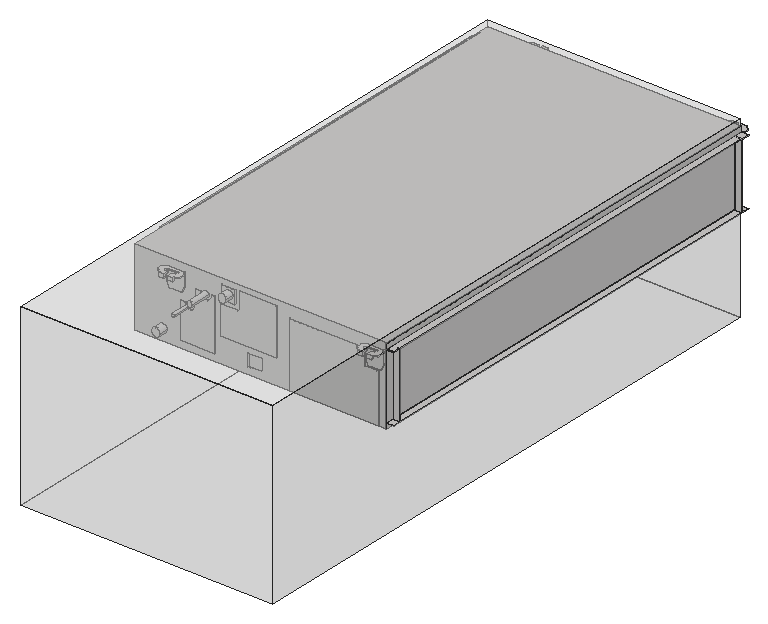
Revit family "outputfile", category 機械設備, Revit 2024
Family settings
  丸型コネクタ寸法 = 半径を使用
  パーツ タイプ = 標準
  OmniClass 番号 = 23.75.10.24.21.27.27
  OmniClass タイトル = Split System Air Conditioning Units
  作業面ベース = いいえ
  常に垂直 = はい
  ロード時にボイドで切り取り = いいえ
  注釈の向きを維持 = いいえ
  共有 = いいえ
  部屋計算ポイント = はい
Parameters (values of type "FBA140BVMA9")
  製造元 = "Daikin"
  書き出し IFC クラス(タイプ) = "IfcUnitaryEquipmentType"
  定義済み IFC タイプ(タイプ) = "AIRCONDITIONINGUNIT"
  モデル = "FBA140BVMA9"
  switch_frequency = yes
  r_Liquid Pipe Size = Liquid Pipe Size / 2  # 4.75 mm
  r_Gas Pipe Size = Gas Pipe Size / 2  # 7.95 mm
  r_Drain Pipe Size = Drain Pipe Size / 2  # 12.5 mm
  lw_power = 770.0 mm  # constant formula
  lh_SA = 138.0 mm  # constant formula
  lw_SA = if(Width = 550.0 mm, 225.0 mm, if(Width = 700.0 mm, 300.0 mm, if(Width = 1000.0 mm, 450.0 mm, if(Width = 1400.0 mm, 650.0 mm, 725.0 mm))))  # 650.0 mm
  lw_RA = if(Width = 550.0 mm, 275.0 mm, if(Width = 700.0 mm, 349.0 mm, if(Width = 1000.0 mm, 499.0 mm, if(Width = 1400.0 mm, 699.0 mm, 775.0 mm))))  # 699.0 mm
  lh_power = 60.0 mm + [h***]  # 60.0 mm
  lh_mountinghole1 = lh_mountinghole + [h***]  # 222.0 mm
  lh_RA = 123.0 mm  # constant formula
  ld_power = Width / 2  # 700.0 mm
  connector_voltage = Voltage_50Hz  # 230 V
  connector_powerinput = [Power Input (Cooling)]  # 4.270 kW
  connector_phase = Phase_50Hz  # 1
  Voltage_comment_60Hz = "220-230"
  Voltage_comment_50Hz = "220-240"
  Voltage_60Hz = 220 V
  Voltage_50Hz = 230 V
  Total Heating Capacity [instance] = 0.000 kW
  Supply Air Direction [instance] = yes
  Power Input (Heating) = 4.560 kW
  Phase_60Hz = 1
  Phase_50Hz = 1
  Nominal Heating Capacity = 16.000 kW
  Minimum External Static Pressure = 50.00 Pa
  Maximum External Static Pressure = 150.00 Pa
  Material_Casing = DAIKIN_GalvanizedSteel_Casing_indoorunit
  lw_mountinghole = 630.0 mm  # constant formula
  lh_gaspipe = 183.0 mm + [h***]  # 183.0 mm
  lh_mountinghole = 222.0 mm  # constant formula
  lh_liquidpipe = 136.0 mm + [h***]  # 136.0 mm
  lh_drainpipe = 207.0 mm + [h***]  # 207.0 mm
  lh_antena = Height - lh_mountinghole + 1.0 mm  # 24.0 mm
  ld_drainpipe = Width / 2 + 26.0 mm  # 726.0 mm
  ld_liquidpipe = Width / 2 + 69.0 mm  # 769.0 mm
  ld_gaspipe = Width / 2 + 65.0 mm  # 765.0 mm
  ld_mountinghole = Width + 38.0 mm  # 1438.0 mm
  h*** = 0.0 mm  # constant formula
  lw_liquidpipe = 179.0 mm  # constant formula
  lw_gaspipe = 229.0 mm  # constant formula
  lw_drainpipe = 300.0 mm  # constant formula
  Width = 1400.0 mm
  Version = "ver.1.0"
  Unit Type = "Duct"
  Unit Mass Weight = 47.00 kg
  Unit Designation [instance] = ""
  Uniclass2015Version = "Products v1.30"
  Uniclass2015Title = "Split coil room air conditioning units"
  Uniclass2015Code = "Pr_70_65_03_86"
  Total Cooling Capacity [instance] = 0.000 kW
  Sound Pressure Level_M speed (dBA) = 37.5
  Sound Pressure Level_L speed (dBA) = 35
  Sound Pressure Level_H speed (dBA) = 40
  Series = "SkyAir_Fan Coil Unit"
  Sensible Cooling Capacity [instance] = 0.000 kW
  SA Duct Size Width = 1192.0 mm
  SA Duct Size Height = 176.0 mm
  Refrigerant Type = "R32"
  RA Duct Size Width = 1352.0 mm
  RA Duct Size Height = 208.0 mm
  Power Input (Cooling) = 4.270 kW
  Option Accessory 3 [instance] = ""
  Option Accessory 2 [instance] = ""
  Option Accessory 1 [instance] = ""
  Nominal Cooling Capacity = 14.000 kW
  Minimum Airflow = 1500.00 m³/h
  Median Airflow = 1830.00 m³/h
  Maximum Airflow = 2160.00 m³/h
  Load Classification = HVAC
  Liquid Pipe Size = 9.5 mm
  Link_Nested Family [instance] = ""
  IfcVersion = ""
  IfcExportType = "AIRCONDITIONINGUNIT"
  IfcExportAs = "IfcUnitaryEquipmentType"
  Height = 245.0 mm
  Heating Entering Wet Bulb Temperature [instance] = -273.15 °C
  Heating Entering Dry Bulb Temperature [instance] = -273.15 °C
  Heating Ambient Wet Bulb Temperature [instance] = -273.15 °C
  Heating Ambient Dry Bulb Temperature [instance] = -273.15 °C
  Heat Exchanger Type = "Cross Fin Coil"
  Gas Pipe Size = 15.9 mm
  Frequency_60Hz = 60 Hz
  Frequency_50Hz = 50 Hz
  Fan Type = "Sirocco Fan"
  Fan Drive = "Direct Drive"
  FCU Tag No. [instance] = ""
  Drain Pipe Size = 25.0 mm
  Design Supply Airflow [instance] = 0.00 m³/h
  Design Return Airflow [instance] = 0.00 m³/h
  Design External Static Pressure [instance] = 0.00 Pa
  Depth = 800.0 mm
  既定の高さ = 0.0 mm
  Cooling Entering Wet Bulb Temperature [instance] = 0.00 °C
  Cooling Entering Dry Bulb Temperature [instance] = 0.00 °C
  Cooling Ambient Wet Bulb Temperature [instance] = 0.00 °C
  Cooling Ambient Dry Bulb Temperature [instance] = 0.00 °C
  Clearance visibility [instance] = yes
  Clearance Top = 20.0 mm
  Clearance Right = 0.0 mm
  Clearance Rear = 0.0 mm
  Clearance Left = 0.0 mm
  Clearance Front = 450.0 mm
  Clearance Bottom = 300.0 mm
Reference planes
  plane 1 "Center (Front/Back)": y = 0
  plane 2 "h": z = 0
  plane 3 "Center (Left/Right)": x = 0
  plane 4 "Back": y = 700
  plane 5 "Front": y = -700
  plane 6 "Left": x = -400
  plane 7 "Right": x = 400
  plane 8 "Top": z = 0
  plane 9 "Bottom": z = -245
  plane 10: y = -215
  plane 11: y = 700
  plane 12: y = -1150
  plane 13: x = -400
  plane 14: x = 400
  plane 15: z = 20
  plane 16: z = -545
  plane 17: x = -400
  plane 18: x = -399
  plane 19: x = 399
  plane 20: y = 50
  plane 21: y = -1
  plane 22: z = -122
  plane 23: y = -701
  plane 24: z = -109
  plane 25: x = -221
  plane 26: y = -765
  plane 27: z = -62
  plane 28: x = -171
  plane 29: y = -726
  plane 30: z = -38
  plane 31: x = -100
  plane 32: x = -100
  plane 33: x = -221
  plane 34: x = -171
  plane 35: x = 370
  plane 36: x = -266
  plane 37: x = 364
  plane 38: y = -719
  plane 39: y = 719
  plane 40: z = -23
  plane 41: z = -107
  plane 42: y = -769
  plane 43: z = -207
  plane 44: x = -309
  plane 45: y = -376
  plane 46: x = -251
  plane 47: x = -203
  plane 48: x = -144
  plane 49: z = -59
  plane 50: z = -106
  plane 51: z = -221
  plane 52: z = -109
  plane 53: x = -221
  plane 54: z = -62
  plane 55: x = -171
  plane 56: z = -17
  plane 57: z = -59
  plane 58: x = -121
  plane 59: x = -79
  plane 60: x = -125
  plane 61: x = -64
  plane 62: x = 53
  plane 63: z = -164
  plane 64: z = -73
  plane 65: z = -16
  plane 66: x = 93.5
  plane 67: x = 374.5
  plane 68: x = 330
  plane 69: z = -88.5
  plane 70: z = -38
  plane 71: z = -242.5
  plane 72: x = -38.5
  plane 73: x = 6.5
  plane 74: z = -181
  plane 75: z = -221
  plane 76: y = -699
  plane 77: x = -424
  plane 78: x = 424
Forms (mm)
  Extrusion 1, solid, material "DAIKIN_GalvanizedSteel_Casing_indoorunit" <- "Material_Casing"
    sketch origin (0, 0, 0) x (1, 0, 0) y (0, 1, 0)
      loop
        line (-399, 700) -> (-399, -700) -> (399, -700) -> (399, 700) -> (-399, 700)
    from -245 to 0
  Extrusion 2, solid, material "DAIKIN_GalvanizedSteel_Casing_indoorunit" <- "Material_Casing"
    sketch origin (0, 0, 0) x (1, 0, 0) y (0, 0, 1)
      loop
        line (-251, -221) -> (-144, -221) -> (-144, -59) -> (-154.47, -59)
        arc (-154.47, -59) -> (-171, -78.8) -> (-187.53, -59) r 16.8
        line (-187.53, -59) -> (-203, -59) -> (-203, -106) -> (-206.916, -106)
        arc (-206.916, -106) -> (-221, -123.4) -> (-235.084, -106) r 14.4
        line (-235.084, -106) -> (-251, -106) -> (-251, -221)
    from 700 to 701
  Extrusion 3, solid, material "DAIKIN_GalvanizedSteel_Casing_indoorunit" <- "Material_Casing"
    sketch origin (0, 0, 0) x (1, 0, 0) y (0, 0, 1)
      loop
        line (-121, -17) -> (-121, -59) -> (-79, -59) -> (-79, -17) -> (-121, -17)
      loop
        line (-125, -73) -> (-125, -164) -> (53, -164) -> (53, -16) -> (-64, -16) -> (-64, -73) -> (-125, -73)
    from 700 to 701
  Extrusion 4, solid, material "DAIKIN_GalvanizedSteel_Casing_indoorunit" <- "Material_Casing"
    sketch origin (0, 0, 0) x (1, 0, 0) y (0, 0, 1)
      loop
        line (93.5, -38) -> (93.5, -242.5) -> (374.5, -242.5) -> (374.5, -88.5) -> (330, -88.5) -> (330, -38) -> (93.5, -38)
    from 700 to 701
  Extrusion 5, solid, material "DAIKIN_GalvanizedSteel_Casing_indoorunit" <- "Material_Casing"
    sketch origin (0, 0, 0) x (1, 0, 0) y (0, 0, 1)
      loop
        circle (-221, -109) r 4.75
    from 700 to 769
  Extrusion 6, solid, material "DAIKIN_GalvanizedSteel_Casing_indoorunit" <- "Material_Casing"
    sketch origin (0, 0, 0) x (1, 0, 0) y (0, 0, 1)
      loop
        circle (-171, -62) r 7.95
    from 700 to 765
  Extrusion 7, solid, material "DAIKIN_GalvanizedSteel_Casing_indoorunit" <- "Material_Casing"
    sketch origin (0, 0, 0) x (1, 0, 0) y (0, 0, 1)
      loop
        circle (-100, -38) r 12.5
    from 701 to 726
  Extrusion 8, solid, material "DAIKIN_GalvanizedSteel_Casing_indoorunit" <- "Material_Casing"
    sketch origin (0, 0, 0) x (1, 0, 0) y (0, 0, 1)
      loop
        circle (-309, -207) r 13
    from 700 to 726
  Extrusion 9, void
    sketch origin (0, 0, 0) x (1, 0, 0) y (0, 0, 1)
      loop
        line (-38.5, -181) -> (-38.5, -221) -> (6.5, -221) -> (6.5, -181) -> (-38.5, -181)
    from 699 to 700
Cuts and joins
  Extrusion 9 cuts Extrusion 1
Dimensions and locks
  "Height": plane 8 "Top" to plane 9 "Bottom"
  equal spacing: plane 4 "Back", plane 1 "Center (Front/Back)", plane 5 "Front"
  "Width": plane 4 "Back" to plane 5 "Front"
  equal spacing: plane 6 "Left", plane 3 "Center (Left/Right)", plane 7 "Right"
  "Depth": plane 6 "Left" to plane 7 "Right"
  "Clearance Left": plane 13 to plane 6 "Left"
  "Clearance Right": plane 7 "Right" to plane 14
  "Clearance Rear": plane 11 to plane 4 "Back"
  "Clearance Front": plane 5 "Front" to plane 12
  "Clearance Top": plane 15 to plane 8 "Top"
  "Clearance Bottom": plane 9 "Bottom" to plane 16
  locked: plane 17 to plane 18 at 1
  locked: plane 19 to plane 14 at 1
  "lw_SA": plane 11 to plane 20
  "lw_RA": plane 21 to plane 5 "Front"
  "lh_RA": plane 22 to plane 9 "Bottom"
  locked: plane 5 "Front" to plane 23 at 1
  "lw_liquidpipe": plane 25 to plane 6 "Left"
  "lh_liquidpipe": plane 24 to plane 9 "Bottom"
  "lh_gaspipe": plane 27 to plane 9 "Bottom"
  "lw_gaspipe": plane 28 to plane 6 "Left"
  "ld_gaspipe": plane 26 to plane 1 "Center (Front/Back)"
  "ld_drainpipe": plane 29 to plane 1 "Center (Front/Back)"
  "lh_drainpipe": plane 30 to plane 9 "Bottom"
  "lw_drainpipe": plane 31 to plane 6 "Left"
  "lw_drainpipe": plane 6 "Left" to plane 32
  "lw_liquidpipe": plane 6 "Left" to plane 33
  "lw_gaspipe": plane 6 "Left" to plane 34
  "lw_power": plane 6 "Left" to plane 35
  locked: plane 17 to plane 36 at 134
  "lw_mountinghole": plane 36 to plane 37
  equal spacing: plane 38, plane 1 "Center (Front/Back)", plane 39
  "ld_mountinghole": plane 39 to plane 38
  "lh_mountinghole": plane 40 to plane 9 "Bottom"
  "lh_SA": plane 41 to plane 9 "Bottom"
  locked: plane 44 to plane 6 "Left" at 91
  locked: plane 43 to plane 9 "Bottom" at 38
  plane 48 to plane 47 to plane 46 to plane 6 "Left" = 59.0 mm, 48.0 mm, 149.0 mm
  plane 8 "Top" to plane 49 to plane 50 to plane 51 = 59.0 mm locked, 47.0 mm locked, 115.0 mm locked
  plane 55 to plane 53 to plane 6 "Left" = 50.0 mm locked, 179.0 mm locked
  plane 54 to plane 52 to plane 9 "Bottom" = 47.0 mm locked, 136.0 mm locked
  plane 59 to plane 58 to plane 6 "Left" = 42.0 mm locked, 279.0 mm locked
  plane 8 "Top" to plane 56 to plane 57 = 17.0 mm locked, 42.0 mm locked
  plane 62 to plane 61 to plane 60 to plane 6 "Left" = 117.0 mm, 61.0 mm, 275.0 mm
  plane 8 "Top" to plane 65 to plane 64 = 16.0 mm locked, 57.0 mm locked
  locked: plane 65 to plane 63 at 148
  plane 8 "Top" to plane 70 to plane 69 to plane 71 = 38.0 mm locked, 50.5 mm locked, 154.0 mm locked
  plane 67 to plane 68 to plane 66 to plane 6 "Left" = 44.5 mm locked, 236.5 mm locked, 493.5 mm locked
  plane 8 "Top" to plane 74 to plane 75 = 181.0 mm locked, 40.0 mm locked
  plane 73 to plane 72 to plane 6 "Left" = 45.0 mm, 361.5 mm
  locked: plane 76 to plane 5 "Front" at 1
  locked: plane 77 to plane 17 at 24
  locked: plane 14 to plane 78 at 24
  "ld_liquidpipe": plane 42 to plane 1 "Center (Front/Back)"
  "r_Liquid Pipe Size": radius of Extrusion 5 sketch curve
  "r_Gas Pipe Size": radius of Extrusion 6 sketch curve
  "r_Drain Pipe Size": radius of Extrusion 7 sketch curve
  aligned and locked: level to plane 2 "h"
  aligned and locked: plane 8 "Top" to Extrusion 1
  aligned and locked: Extrusion 1 to plane 9 "Bottom"
  aligned and locked: nested 5 to plane 12
  aligned and locked: plane 13 to nested 5
  aligned and locked: plane 14 to nested 5
  aligned and locked: nested 5 to plane 13
  aligned and locked: plane 11 to nested 5
  aligned and locked: plane 15 to nested 5
  aligned and locked: plane 16 to nested 5
  aligned and locked: plane 5 "Front" to Extrusion 1 sketch curve
  aligned and locked: Extrusion 1 to plane 18
  aligned and locked: plane 19 to Extrusion 1
  aligned and locked: nested 7 to plane 18
  aligned and locked: nested 7 to plane 20
  aligned and locked: plane 19 to nested 8
  aligned and locked: plane 21 to nested 8
  aligned and locked: plane 22 to nested 8
  aligned and locked: Extrusion 2 to plane 23
  aligned and locked: plane 5 "Front" to Extrusion 2
  aligned and locked: Extrusion 3 to plane 23
  aligned and locked: plane 5 "Front" to Extrusion 3
  aligned and locked: plane 5 "Front" to Extrusion 4
  aligned and locked: Extrusion 5 sketch curve to plane 25
  aligned and locked: plane 24 to Extrusion 5 sketch curve
  aligned and locked: plane 5 "Front" to Extrusion 5
  aligned and locked: Extrusion 6 sketch curve to plane 28
  aligned and locked: plane 27 to Extrusion 6 sketch curve
  aligned and locked: plane 5 "Front" to Extrusion 6
  aligned and locked: Extrusion 7 sketch curve to plane 31
  aligned and locked: Extrusion 7 sketch curve to plane 30
  aligned and locked: Extrusion 7 to plane 29
  aligned and locked: plane 23 to Extrusion 7
  aligned and locked: nested 3 to plane 29
  aligned and locked: nested 3 to plane 32
  aligned and locked: nested 2 to plane 33
  aligned and locked: nested 1 to plane 34
  aligned and locked: Extrusion 6 to plane 26
  aligned and locked: nested 1 to plane 26
  aligned and locked: nested 6 to plane 5 "Front"
  aligned and locked: nested 6 to plane 35
  aligned and locked: plane 36 to nested 10
  aligned and locked: nested 10 to plane 5 "Front"
  aligned and locked: plane 37 to nested 9
  aligned and locked: nested 9 to plane 5 "Front"
  aligned and locked: nested 11 to plane 36
  aligned and locked: plane 4 "Back" to nested 11
  aligned and locked: nested 12 to plane 37
  aligned and locked: plane 4 "Back" to nested 12
  aligned and locked: plane 40 to nested 10
  aligned and locked: plane 40 to nested 11
  aligned and locked: plane 40 to nested 9
  aligned and locked: plane 40 to nested 12
  aligned and locked: plane 36 to nested 14
  aligned and locked: nested 14 to plane 39
  aligned and locked: plane 37 to nested 13
  aligned and locked: nested 13 to plane 39
  aligned and locked: plane 37 to nested 16
  aligned and locked: plane 38 to nested 16
  aligned and locked: plane 38 to nested 15
  aligned and locked: plane 36 to nested 15
  aligned and locked: plane 17 to plane 6 "Left"
  aligned and locked: plane 41 to nested 7
  aligned and locked: Extrusion 5 to plane 42
  aligned and locked: nested 2 to plane 42
  aligned and locked: Extrusion 8 sketch curve to plane 44
  aligned and locked: plane 43 to Extrusion 8 sketch curve
  aligned and locked: plane 5 "Front" to Extrusion 8
  aligned and locked: Extrusion 3 sketch curve to plane 56
  aligned and locked: Extrusion 3 sketch curve to plane 58
  aligned and locked: plane 57 to Extrusion 3 sketch curve
  aligned and locked: plane 59 to Extrusion 3 sketch curve
  aligned and locked: Extrusion 4 to plane 23
  aligned and locked: Extrusion 9 sketch curve to plane 74
  aligned and locked: plane 75 to Extrusion 9 sketch curve
  aligned and locked: plane 73 to Extrusion 9 sketch curve
  aligned and locked: plane 5 "Front" to Extrusion 9
  aligned and locked: plane 76 to Extrusion 9
  aligned and locked: nested 17 to plane 20
  aligned and locked: nested 17 to plane 77
  aligned and locked: plane 21 to nested 18
  aligned and locked: plane 78 to nested 18
  aligned and locked: plane 41 to nested 17
  aligned and locked: nested 18 to plane 22
  aligned and locked: nested 4 to plane 3 "Center (Left/Right)"
  aligned and locked: plane 1 "Center (Front/Back)" to nested 4
  aligned and locked: level to plane 8 "Top"
  aligned and locked: Extrusion 8 to plane 29
Automatic sketch dimensions
  plane 6 "Left" to Extrusion 1 sketch curve = 1.0 mm
  Extrusion 1 sketch curve to plane 7 "Right" = 1.0 mm
  Extrusion 1 sketch curve to plane 4 "Back" = 0.0 mm
  Extrusion 2 sketch curve to plane 46 = 0.0 mm
  Extrusion 2 sketch curve to plane 33 = 0.0 mm
  Extrusion 2 sketch curve to plane 47 = 0.0 mm
  Extrusion 2 sketch curve to plane 34 = 0.0 mm
  Extrusion 2 sketch curve to plane 48 = 0.0 mm
  Extrusion 2 sketch curve to plane 51 = 0.0 mm
  Extrusion 2 sketch curve to plane 52 = 0.0 mm
  Extrusion 2 sketch curve to plane 50 = 0.0 mm  (x3)
  Extrusion 2 sketch curve to plane 54 = 0.0 mm
  Extrusion 2 sketch curve to plane 49 = 0.0 mm  (x3)
  plane 33 to Extrusion 2 sketch curve = 14.084 mm
  plane 34 to Extrusion 2 sketch curve = 16.53 mm
  Extrusion 3 sketch curve to plane 60 = 0.0 mm
  Extrusion 3 sketch curve to plane 61 = 0.0 mm
  Extrusion 3 sketch curve to plane 62 = 0.0 mm
  Extrusion 3 sketch curve to plane 63 = 0.0 mm
  Extrusion 3 sketch curve to plane 64 = 0.0 mm
  Extrusion 3 sketch curve to plane 65 = 0.0 mm
  Extrusion 4 sketch curve to plane 66 = 0.0 mm
  Extrusion 4 sketch curve to plane 68 = 0.0 mm
  Extrusion 4 sketch curve to plane 67 = 0.0 mm
  Extrusion 4 sketch curve to plane 71 = 0.0 mm
  Extrusion 4 sketch curve to plane 69 = 0.0 mm
  Extrusion 4 sketch curve to plane 70 = 0.0 mm
  Extrusion 9 sketch curve to plane 72 = 0.0 mm
  radius of Extrusion 8 sketch curve = 13.0 mm
Nested families
  nested 1: "daikin_connector_rotate2" at (-171, 0, -62), length <- "ld_gaspipe", built-in parameter 1001364 <- "lh_gaspipe", radius <- "r_Gas Pipe Size", type "daikin_connector_rotate2"
    with radius 7.95 mm, length 765.0 mm, angle_vertical 90.00°
  nested 2: "daikin_connector_rotate2" at (-221, 0, -109), length <- "ld_liquidpipe", built-in parameter 1001364 <- "lh_liquidpipe", radius <- "r_Liquid Pipe Size", type "daikin_connector_rotate2"
    with radius 4.75 mm, length 769.0 mm, angle_vertical 90.00°
  nested 3: "daikin_connector_rotate2" at (-100, 0, -38), length <- "ld_drainpipe", built-in parameter 1001364 <- "lh_drainpipe", radius <- "r_Drain Pipe Size", type "daikin_connector_rotate2"
    with radius 12.5 mm, length 726.0 mm, angle_vertical 90.00°
  nested 4: "daikin_△_symbolicline" at (0, 0, 245) x (0, -1, 0) z (0, 0, 1), built-in parameter 1001364 <- "Height", visible <- "Supply Air Direction", type "daikin_△_symbolicline"
    with length 200.0 mm
  nested 5: "daikin_clearancespace" at (0, -225, -262.381), visible <- "Clearance visibility", show <- "Clearance visibility", Link_Nested Family <- "Link_Nested Family", type "daikin_clearancespace"
    with width 800.0 mm, show yes, height 565.0 mm, depth 1850.0 mm, Link_Nested Family ""
  nested 6: "daikin_connector_rotate2" at (370, 0, -185), built-in parameter 1001364 <- "lh_power", length <- "ld_power", type "daikin_connector_rotate2"
    with radius 10.0 mm, length 700.0 mm, angle_vertical 90.00°
  nested 7: "daikin_ductflange_FBA-BVMA9_2" at (-399, 50, -107) x (0, -1, 0) z (0, 0, 1), type "daikin_ductflange_FBA-BVMA9_2"
  nested 8: "daikin_ductflange_FBA-BVMA9" at (399, -1, -122) x (0, 1, 0) z (0, 0, 1), type "daikin_ductflange_FBA-BVMA9"
    with width 1352.0 mm, lw 25.0 mm, w 1400.0 mm
  nested 9: "daikin_hangerfixture_FBA-BVMA9" at (364, -700, -23), type "daikin_hangerfixture_FBA-BVMA9"
  nested 10: "daikin_hangerfixture_FBA-BVMA9" at (-266, -700, -23), type "daikin_hangerfixture_FBA-BVMA9"
  nested 11: "daikin_hangerfixture_FBA-BVMA9" at (-266, 700, -23) x (-1, 0, 0) z (0, 0, 1), type "daikin_hangerfixture_FBA-BVMA9"
  nested 12: "daikin_hangerfixture_FBA-BVMA9" at (364, 700, -23) x (-1, 0, 0) z (0, 0, 1), type "daikin_hangerfixture_FBA-BVMA9"
  nested 13: "daikin_mountinghole" at (364, 719, -245), h_mountinghole <- "lh_mountinghole1", l_antenna <- "lh_antena", Link_Nested Family <- "Link_Nested Family", type "daikin_mountinghole"
    with show yes, l_antenna 24.0 mm, h_mountinghole 222.0 mm, Link_Nested Family ""
  nested 14: "daikin_mountinghole" at (-266, 719, -245), h_mountinghole <- "lh_mountinghole1", l_antenna <- "lh_antena", Link_Nested Family <- "Link_Nested Family", type "daikin_mountinghole"
    with show yes, l_antenna 24.0 mm, h_mountinghole 222.0 mm, Link_Nested Family ""
  nested 15: "daikin_mountinghole" at (-266, -719, -245), h_mountinghole <- "lh_mountinghole1", l_antenna <- "lh_antena", Link_Nested Family <- "Link_Nested Family", type "daikin_mountinghole"
    with show yes, l_antenna 24.0 mm, h_mountinghole 222.0 mm, Link_Nested Family ""
  nested 16: "daikin_mountinghole" at (364, -719, -245), h_mountinghole <- "lh_mountinghole1", l_antenna <- "lh_antena", Link_Nested Family <- "Link_Nested Family", type "daikin_mountinghole"
    with show yes, l_antenna 24.0 mm, h_mountinghole 222.0 mm, Link_Nested Family ""
  nested 17: "daikin_connector_rotate2" at (-400, 50, -107) x (0, -1, 0) z (0, 0, 1), type "daikin_connector_rotate2"
    with radius 10.0 mm, length 24.0 mm, angle_vertical 90.00°
  nested 18: "daikin_connector_rotate2" at (400, -1, -122) x (0, 1, 0) z (0, 0, 1), type "daikin_connector_rotate2"
    with radius 10.0 mm, length 24.0 mm, angle_vertical 90.00°
Connectors
  piping at (-100, -726, -38), diameter 25, driven by "r_Drain Pipe Size"
    settings: on nested 3, index 3, connector inside diameter 609.6 mm, connector length 0.0 mm, flow factor 0, pipe flow 0.00 m³/h, pressure drop 0.0 Pa, fitting loss kfactor 0, connector angle 0.00°, fixture units 0, engagement length 0.0 mm, angle of deflection 0.00°, flow configuration 1, flow direction 2, fitting loss method 4, system type 16, joint type 0, gender type 0, connector reference index -1, connector utility 0, adjustable connector no, is connector primary yes, connector description "Condensate Drain Piping"
  piping at (-171, -765, -62), diameter 15.9, driven by "r_Gas Pipe Size"
    settings: on nested 1, index 4, connector inside diameter 609.6 mm, connector length 0.0 mm, flow factor 0, pipe flow 0.00 m³/h, pressure drop 0.0 Pa, fitting loss kfactor 0, connector angle 0.00°, fixture units 0, engagement length 0.0 mm, angle of deflection 0.00°, flow configuration 1, flow direction 2, fitting loss method 0, system type 29, joint type 0, gender type 0, connector reference index -1, connector utility 0, adjustable connector no, is connector primary no, connector description "Refrigerant Gas Piping"
  piping at (-221, -769, -109), diameter 9.5, driven by "r_Liquid Pipe Size"
    settings: on nested 2, index 5, connector inside diameter 609.6 mm, connector length 0.0 mm, flow factor 0, pipe flow 0.00 m³/h, pressure drop 0.0 Pa, fitting loss kfactor 0, connector angle 0.00°, fixture units 0, engagement length 0.0 mm, angle of deflection 0.00°, flow configuration 1, flow direction 1, fitting loss method 0, system type 29, joint type 0, gender type 0, connector reference index -1, connector utility 0, adjustable connector no, is connector primary no, connector description "Refrigerant Liquid Piping"
  electrical at (370, -700, -185), driven by "Load Classification", driven by "connector_voltage", driven by "connector_phase", driven by "connector_powerinput"
    settings: on nested 6, index 6, voltage 230 V, apparent load 4270 VA, apparent load phase1 0 VA, apparent load phase2 0 VA, apparent load phase3 0 VA, power factor 1, load classification "HVAC", number of poles 1, system type 30, power factor state 1, is connector primary yes, connector utility no, sub classification motor no, connector description "Power Supply"
  hvac at (-424, 50, -107), driven by "SA Duct Size Height", driven by "SA Duct Size Width"
    settings: on nested 17, index 7, duct flow 0.00 m³/h, flow factor 0, pres drop 0.00 Pa, loss coef 0, conn angle 0.00°, conn width 1192.0 mm, conn height 176.0 mm, conn diameter 609.6 mm, duct sys type 1, conn prof type 1, flow config 0, flow direction 2, loss method 4, conn ref index -1, conn util no, is conn primary yes, conn desc "SA Duct"
  hvac at (424, -1, -122), driven by "RA Duct Size Height", driven by "RA Duct Size Width"
    settings: on nested 18, index 8, duct flow 0.00 m³/h, flow factor 0, pres drop 0.00 Pa, loss coef 0, conn angle 0.00°, conn width 1352.0 mm, conn height 208.0 mm, conn diameter 609.6 mm, duct sys type 2, conn prof type 1, flow config 0, flow direction 1, loss method 4, conn ref index -1, conn util no, is conn primary no, conn desc "RA Duct"
Definition of nested family "daikin_clearancespace"
  Parameters (values of type "daikin_clearancespace")
    Description = "daikin_clearancespace"
    width [instance] = 1823.963 mm
    show [instance] = yes
    material = none
    height [instance] = 1359.762 mm
    depth [instance] = 880.0 mm
    Default Elevation = 0.0 mm
    Link_Nested Family [instance] = ""
  Reference planes
    plane 1 "Center (Front/Back)": y = 0
    plane 2 "Center (Elevation)": z = -0.119
    plane 3 "Center (Left/Right)": x = 0
    plane 4: y = 440
    plane 5: y = -440
    plane 6 "Right": x = 911.982
    plane 7 "Left": x = -911.982
    plane 8 "Top": z = 679.762
    plane 9 "Bottom": z = -680
  Forms (mm)
    Extrusion 1, solid, material <- "material", visible <- "show"
      sketch origin (0, 0, 0) x (1, 0, 0) y (0, 1, 0)
        loop
          line (-911.982, 440) -> (-911.982, -440) -> (911.982, -440) -> (911.982, 440) -> (-911.982, 440)
      from -680 to 679.762
  Lines and regions (mm)
    symbolic lines, visible <- "show"
      curve 1: line (911.982, 440, 0) -> (-911.982, 440, 0)
      curve 2: line (-911.982, 440, 0) -> (-911.982, -440, 0)
      curve 3: line (-911.982, -440, 0) -> (911.982, -440, 0)
      curve 4: line (911.982, -440, 0) -> (911.982, 440, 0)
      curve 5: line (911.982, 0, 679.762) -> (-911.982, 0, 679.762)
      curve 6: line (911.982, 0, -680) -> (911.982, 0, 679.762)
      curve 7: line (-911.982, 0, -680) -> (911.982, 0, -680)
      curve 8: line (-911.982, 0, 679.762) -> (-911.982, 0, -680)
      curve 9: line (0, 440, 679.762) -> (0, -440, 679.762)
      curve 10: line (0, -440, 679.762) -> (0, -440, -680)
      curve 11: line (0, 440, -680) -> (0, 440, 679.762)
      curve 12: line (0, -440, -680) -> (0, 440, -680)
  Dimensions and locks
    "width": plane 7 "Left" to plane 6 "Right"
    "depth": plane 4 to plane 5
    "height": plane 8 "Top" to plane 9 "Bottom"
    equal spacing: plane 7 "Left", plane 3 "Center (Left/Right)", plane 6 "Right"
    equal spacing: plane 4, plane 1 "Center (Front/Back)", plane 5
    equal spacing: plane 8 "Top", plane 2 "Center (Elevation)", plane 9 "Bottom"
    aligned and locked: level to plane 2 "Center (Elevation)"
    aligned and locked: Extrusion 1 sketch curve to plane 4
    aligned and locked: plane 7 "Left" to Extrusion 1 sketch curve
    aligned and locked: Extrusion 1 sketch curve to plane 5
    aligned and locked: Extrusion 1 sketch curve to plane 6 "Right"
    aligned and locked: plane 8 "Top" to Extrusion 1
    aligned and locked: curve 1 to Extrusion 1
    aligned and locked: curve 2 to Extrusion 1
    aligned and locked: curve 3 to Extrusion 1
    aligned and locked: curve 4 to Extrusion 1
    aligned and locked: curve 5 to Extrusion 1
    aligned and locked: curve 6 to Extrusion 1
    aligned and locked: curve 7 to Extrusion 1
    aligned and locked: curve 8 to Extrusion 1
    aligned and locked: curve 9 to Extrusion 1
    aligned and locked: curve 10 to Extrusion 1
    aligned and locked: curve 11 to Extrusion 1
    aligned and locked: curve 12 to Extrusion 1
    aligned and locked: Extrusion 1 to plane 9 "Bottom"
Definition of nested family "daikin_ductflange_FBA-BVMA9_2"
  Parameters (values of type "daikin_ductflange_FBFC-DVMG2")
    width = if(w = 550.0 mm, 337.0 mm, if(w = 700.0 mm, 492.0 mm, if(w = 1000.0 mm, 792.0 mm, if(w = 1400.0 mm, 1192.0 mm, 1337.0 mm))))  # 1192.0 mm
    material = none
    height = 215.0 mm
    depth = 1.0 mm
    w = 1400.0 mm
    Default Elevation = 0.0 mm
  Reference planes
    plane 1 "Center (Front/Back)": y = 0
    plane 2: z = 0
    plane 3 "Center (Left/Right)": x = 0
    plane 4: z = 88
    plane 5: z = -88
    plane 6: y = -25
    plane 7: z = 106
    plane 8: z = 89
    plane 9: y = -1
    plane 10: x = -617.5
    plane 11: x = 617.5
    plane 12: z = -106
    plane 13: z = -89
    plane 14: y = -1
    plane 15: x = 596
    plane 16: x = -596
    plane 17: x = 597
    plane 18: z = 87
    plane 19: z = -87
    plane 20: x = -597
    plane 21: z = 87
    plane 22: z = -87
    plane 23: y = -1
  Forms (mm)
    Extrusion 1, solid, material <- "material"
      sketch origin (0, 0, 0) x (0, 1, 0) y (0, 0, 1)
        loop
          line (-25, 88) -> (0, 88) -> (0, 106) -> (-1, 106) -> (-1, 89) -> (-25, 89) -> (-25, 88)
      from -617.5 to 617.5
    Extrusion 2, solid, material <- "material"
      sketch origin (0, 0, 0) x (0, 1, 0) y (0, 0, 1)
        loop
          line (-25, -88) -> (-25, -89) -> (-1, -89) -> (-1, -106) -> (0, -106) -> (0, -88) -> (-25, -88)
      from -617.5 to 617.5
    Extrusion 3, solid, material <- "material"
      sketch origin (0, 0, 0) x (1, 0, 0) y (0, 0, 1)
        loop
          line (596, 88) -> (596, -88) -> (617.5, -88) -> (617.5, -87) -> (597, -87) -> (597, 87) -> (617.5, 87) -> (617.5, 88) -> (596, 88)
      from 0 to 25
    Extrusion 4, solid, material <- "material"
      sketch origin (0, 0, 0) x (1, 0, 0) y (0, 0, 1)
        loop
          line (-617.5, 88) -> (-617.5, 87) -> (-597, 87) -> (-597, -87) -> (-617.5, -87) -> (-617.5, -88) -> (-596, -88) -> (-596, 88) -> (-617.5, 88)
      from 0 to 25
    Extrusion 5, solid, material <- "material"
      sketch origin (0, 0, 0) x (1, 0, 0) y (0, 0, 1)
        loop
          line (-617.5, 88) -> (-617.5, -88) -> (-596, -88) -> (-596, 88) -> (-617.5, 88)
        loop
          line (617.5, 88) -> (596, 88) -> (596, -88) -> (617.5, -88) -> (617.5, 88)
      from 0 to 1
  Cuts and joins
    joined: Extrusion 1, Extrusion 2, Extrusion 3, Extrusion 4, Extrusion 5
  Dimensions and locks
    plane 4 to level to plane 5 = 88.0 mm, 88.0 mm
    locked: plane 6 to plane 1 "Center (Front/Back)" at 25
    locked: plane 9 to plane 1 "Center (Front/Back)" at 1
    locked: plane 8 to plane 4 at 1
    locked: plane 16 to plane 10 at 21.5
    locked: plane 17 to plane 15 at 1
    locked: plane 4 to plane 18 at 1
    locked: plane 19 to plane 5 at 1
    "width": plane 15 to plane 16
    plane 4 to plane 5 = 176.0 mm
    locked: plane 16 to plane 20 at 1
    locked: plane 4 to plane 21 at 1
    locked: plane 22 to plane 5 at 1
    locked: plane 23 to plane 1 "Center (Front/Back)" at 1
    plane 4 to level to plane 5 = 88.0 mm locked, 88.0 mm locked
    locked: plane 5 to plane 13 at 1
    locked: plane 5 to plane 12 at 18
    locked: plane 7 to plane 4 at 18
    equal spacing: plane 15, plane 3 "Center (Left/Right)", plane 16
    locked: plane 11 to plane 15 at 21.5
    plane 11 to plane 10 = 1235.0 mm
    aligned and locked: level to plane 2
    aligned and locked: Extrusion 1 to plane 10
    aligned and locked: plane 11 to Extrusion 1
    aligned and locked: plane 5 to Extrusion 2
    aligned and locked: Extrusion 2 to plane 1 "Center (Front/Back)"
    aligned and locked: plane 15 to Extrusion 3 sketch curve
    aligned and locked: Extrusion 3 sketch curve to Extrusion 2  (x2)
    aligned and locked: Extrusion 3 sketch curve to plane 11
    aligned and locked: plane 6 to Extrusion 3
    aligned and locked: Extrusion 2 to plane 10
    aligned and locked: plane 11 to Extrusion 2
    aligned and locked: Extrusion 4 sketch curve to Extrusion 1  (x2)
    aligned and locked: plane 5 to Extrusion 4 sketch curve
    aligned and locked: Extrusion 4 sketch curve to plane 16
    aligned and locked: Extrusion 4 sketch curve to plane 22
    aligned and locked: plane 20 to Extrusion 4 sketch curve
    aligned and locked: plane 21 to Extrusion 4 sketch curve
    aligned and locked: Extrusion 4 to plane 1 "Center (Front/Back)"
    aligned and locked: plane 6 to Extrusion 4
    aligned and locked: Extrusion 5 sketch curve to Extrusion 1  (x4)
    aligned and locked: Extrusion 5 sketch curve to Extrusion 4  (x2)
    aligned and locked: Extrusion 5 sketch curve to Extrusion 3  (x2)
    aligned and locked: Extrusion 5 to plane 1 "Center (Front/Back)"
    aligned and locked: plane 23 to Extrusion 5
  Automatic sketch dimensions
    Extrusion 1 sketch curve to plane 6 = 0.0 mm
    Extrusion 1 sketch curve to plane 7 = 0.0 mm
    Extrusion 1 sketch curve to plane 9 = 0.0 mm
    Extrusion 1 sketch curve to plane 1 "Center (Front/Back)" = 0.0 mm
    Extrusion 1 sketch curve to plane 4 = 0.0 mm
    Extrusion 1 sketch curve to plane 8 = 0.0 mm
    Extrusion 2 sketch curve to plane 6 = 0.0 mm
    plane 12 to Extrusion 2 sketch curve = 0.0 mm
    Extrusion 2 sketch curve to plane 14 = 0.0 mm
    Extrusion 2 sketch curve to plane 1 "Center (Front/Back)" = 0.0 mm
    plane 13 to Extrusion 2 sketch curve = 0.0 mm
    Extrusion 2 sketch curve to plane 5 = 0.0 mm
    Extrusion 3 sketch curve to plane 17 = 0.0 mm
    Extrusion 3 sketch curve to plane 19 = 0.0 mm
    Extrusion 3 sketch curve to plane 18 = 0.0 mm
    Extrusion 3 sketch curve to plane 4 = 0.0 mm
    Extrusion 4 sketch curve to plane 10 = 0.0 mm
Definition of nested family "daikin_ductflange_FBA-BVMA9"
  Parameters (values of type "daikin_ductflange_FBFC-DVMG")
    width = if(w = 550.0 mm, 502.0 mm, if(w = 700.0 mm, 654.0 mm, if(w = 1000.0 mm, 952.0 mm, if(w = 1400.0 mm, 1352.0 mm, 1502.0 mm))))  # 654.0 mm
    material = none
    lw = if(width = 654.0 mm, 23.0 mm, 25.0 mm)  # 23.0 mm
    height = 208.0 mm
    depth = 1.0 mm
    w = 700.0 mm
    Default Elevation = 0.0 mm
  Reference planes
    plane 1 "Center (Front/Back)": y = 0
    plane 2: z = 0
    plane 3 "Center (Left/Right)": x = 0
    plane 4: z = 104
    plane 5: z = -104
    plane 6: y = -25
    plane 7: z = 121
    plane 8: z = 105
    plane 9: y = -1
    plane 10: x = -350
    plane 11: x = 350
    plane 12: z = -122
    plane 13: z = -105
    plane 14: y = -1
    plane 15: x = 327
    plane 16: x = -327
    plane 17: x = 328
    plane 18: z = 103
    plane 19: z = -103
    plane 20: x = -328
    plane 21: z = 103
    plane 22: z = -103
    plane 23: y = -1
  Forms (mm)
    Extrusion 1, solid, material <- "material"
      sketch origin (0, 0, 0) x (0, 1, 0) y (0, 0, 1)
        loop
          line (-25, 104) -> (0, 104) -> (0, 121) -> (-1, 121) -> (-1, 105) -> (-25, 105) -> (-25, 104)
      from -350 to 350
    Extrusion 2, solid, material <- "material"
      sketch origin (0, 0, 0) x (0, 1, 0) y (0, 0, 1)
        loop
          line (-25, -104) -> (-25, -105) -> (-1, -105) -> (-1, -122) -> (0, -122) -> (0, -104) -> (-25, -104)
      from -350 to 350
    Extrusion 3, solid, material <- "material"
      sketch origin (0, 0, 0) x (1, 0, 0) y (0, 0, 1)
        loop
          line (327, 104) -> (327, -104) -> (350, -104) -> (350, -103) -> (328, -103) -> (328, 103) -> (350, 103) -> (350, 104) -> (327, 104)
      from 0 to 25
    Extrusion 4, solid, material <- "material"
      sketch origin (0, 0, 0) x (1, 0, 0) y (0, 0, 1)
        loop
          line (-350, 104) -> (-350, 103) -> (-328, 103) -> (-328, -103) -> (-350, -103) -> (-350, -104) -> (-327, -104) -> (-327, 104) -> (-350, 104)
      from 0 to 25
    Extrusion 5, solid, material <- "material"
      sketch origin (0, 0, 0) x (1, 0, 0) y (0, 0, 1)
        loop
          line (-350, 104) -> (-350, -104) -> (-327, -104) -> (-327, 104) -> (-350, 104)
        loop
          line (350, 104) -> (327, 104) -> (327, -104) -> (350, -104) -> (350, 104)
      from 0 to 1
  Cuts and joins
    joined: Extrusion 1, Extrusion 2, Extrusion 3, Extrusion 4, Extrusion 5
  Dimensions and locks
    plane 4 to level to plane 5 = 104.0 mm, 104.0 mm
    locked: plane 6 to plane 1 "Center (Front/Back)" at 25
    locked: plane 9 to plane 1 "Center (Front/Back)" at 1
    locked: plane 8 to plane 4 at 1
    "lw": plane 11 to plane 15
    "lw": plane 16 to plane 10
    locked: plane 17 to plane 15 at 1
    locked: plane 4 to plane 18 at 1
    locked: plane 19 to plane 5 at 1
    "width": plane 15 to plane 16
    equal spacing: plane 15, plane 3 "Center (Left/Right)", plane 16
    locked: plane 16 to plane 20 at 1
    locked: plane 4 to plane 21 at 1
    locked: plane 22 to plane 5 at 1
    locked: plane 23 to plane 1 "Center (Front/Back)" at 1
    locked: plane 7 to plane 4 at 17
    locked: plane 1 "Center (Front/Back)" to plane 14 at 1
    locked: plane 5 to plane 13 at 1
    "height": plane 4 to plane 5
    plane 11 to plane 10 = 700.0 mm
    locked: plane 12 to plane 13 at 17
    equal spacing: plane 4, level, plane 5
    aligned and locked: level to plane 2
    aligned and locked: Extrusion 1 to plane 10
    aligned and locked: plane 11 to Extrusion 1
    aligned and locked: plane 5 to Extrusion 2
    aligned and locked: Extrusion 2 to plane 1 "Center (Front/Back)"
    aligned and locked: plane 15 to Extrusion 3 sketch curve
    aligned and locked: Extrusion 3 sketch curve to Extrusion 2  (x2)
    aligned and locked: Extrusion 3 sketch curve to plane 11
    aligned and locked: plane 6 to Extrusion 3
    aligned and locked: Extrusion 2 to plane 10
    aligned and locked: plane 11 to Extrusion 2
    aligned and locked: Extrusion 4 sketch curve to Extrusion 1  (x2)
    aligned and locked: plane 5 to Extrusion 4 sketch curve
    aligned and locked: Extrusion 4 sketch curve to plane 16
    aligned and locked: Extrusion 4 sketch curve to plane 22
    aligned and locked: plane 20 to Extrusion 4 sketch curve
    aligned and locked: plane 21 to Extrusion 4 sketch curve
    aligned and locked: Extrusion 4 to plane 1 "Center (Front/Back)"
    aligned and locked: plane 6 to Extrusion 4
    aligned and locked: Extrusion 5 sketch curve to Extrusion 1  (x4)
    aligned and locked: Extrusion 5 sketch curve to Extrusion 4  (x2)
    aligned and locked: Extrusion 5 sketch curve to Extrusion 3  (x2)
    aligned and locked: Extrusion 5 to plane 1 "Center (Front/Back)"
    aligned and locked: plane 23 to Extrusion 5
  Automatic sketch dimensions
    Extrusion 1 sketch curve to plane 6 = 0.0 mm
    Extrusion 1 sketch curve to plane 7 = 0.0 mm
    Extrusion 1 sketch curve to plane 9 = 0.0 mm
    Extrusion 1 sketch curve to plane 1 "Center (Front/Back)" = 0.0 mm
    Extrusion 1 sketch curve to plane 4 = 0.0 mm
    Extrusion 1 sketch curve to plane 8 = 0.0 mm
    Extrusion 2 sketch curve to plane 6 = 0.0 mm
    plane 12 to Extrusion 2 sketch curve = 0.0 mm
    Extrusion 2 sketch curve to plane 14 = 0.0 mm
    Extrusion 2 sketch curve to plane 1 "Center (Front/Back)" = 0.0 mm
    plane 13 to Extrusion 2 sketch curve = 0.0 mm
    Extrusion 2 sketch curve to plane 5 = 0.0 mm
    Extrusion 3 sketch curve to plane 17 = 0.0 mm
    Extrusion 3 sketch curve to plane 19 = 0.0 mm
    Extrusion 3 sketch curve to plane 18 = 0.0 mm
    Extrusion 3 sketch curve to plane 4 = 0.0 mm
    Extrusion 4 sketch curve to plane 10 = 0.0 mm
Definition of nested family "daikin_hangerfixture_FBA-BVMA9"
  Parameters (values of type "daikin_hangerfixture_FXMQ-PAVE")
    width = 72.0 mm
    material = none
    height = 60.0 mm
    depth = 41.0 mm
    Default Elevation = 0.0 mm
  Reference planes
    plane 1 "Center (Front/Back)": y = 0
    plane 2: z = 0
    plane 3 "Center (Left/Right)": x = 0
    plane 4: y = 417.146
    plane 5: y = -41
    plane 6: x = -36
    plane 7: x = 36
    plane 8: z = -2.3
    plane 9: z = -60
    plane 10: y = -2.3
    plane 11: z = -12
    plane 12: y = -38.7
  Forms (mm)
    Extrusion 1, solid, material <- "material"
      sketch origin (0, 0, 0) x (1, 0, 0) y (0, 1, 0)
        loop
          line (-28, 0) -> (-28, -5)
          arc (-28, -5) -> (-29.127, -8.162) -> (-32, -9.899) r 5
          arc (-32, -9.899) -> (-34.873, -11.636) -> (-36, -14.798) r 5
          line (-36, -14.798) -> (-36, -27.178)
          arc (-36, -27.178) -> (-35.429, -29.499) -> (-33.846, -31.289) r 5
          line (-33.846, -31.289) -> (-23, -38.798) -> (-23, -41.098) -> (-6.5, -41.098) -> (-6.5, -28.498)
          arc (-6.5, -28.498) -> (-7.379, -26.377) -> (-9.5, -25.498) r 3
          line (-9.5, -25.498) -> (-13.5, -25.498)
          arc (-13.5, -25.498) -> (-20, -18.998) -> (-13.5, -12.498) r 6.5
          line (-13.5, -12.498) -> (13.5, -12.498)
          arc (13.5, -12.498) -> (20, -18.998) -> (13.5, -25.498) r 6.5
          line (13.5, -25.498) -> (9.5, -25.498)
          arc (9.5, -25.498) -> (7.379, -26.377) -> (6.5, -28.498) r 3
          line (6.5, -28.498) -> (6.5, -41.098) -> (23, -41.098) -> (23, -38.798) -> (33.846, -31.289)
          arc (33.846, -31.289) -> (35.429, -29.499) -> (36, -27.178) r 5
          line (36, -27.178) -> (36, -14.596)
          arc (36, -14.596) -> (34.873, -11.434) -> (32, -9.697) r 5
          arc (32, -9.697) -> (29.127, -7.96) -> (28, -4.798) r 5
          line (28, -4.798) -> (28, 0) -> (-28, 0)
      from 0 to -2.3
    Extrusion 2, solid, material <- "material"
      sketch origin (0, 0, 0) x (1, 0, 0) y (0, 0, 1)
        loop
          line (28, -39.037) -> (28, 0) -> (-28, 0) -> (-28, -39.037)
          arc (-28, -39.037) -> (-27.91, -39.983) -> (-27.642, -40.894) r 5
          line (-27.642, -40.894) -> (-21.257, -56.857)
          arc (-21.257, -56.857) -> (-19.418, -59.14) -> (-16.615, -60) r 5
          line (-16.615, -60) -> (16.615, -60)
          arc (16.615, -60) -> (19.418, -59.14) -> (21.257, -56.857) r 5
          line (21.257, -56.857) -> (27.642, -40.894)
          arc (27.642, -40.894) -> (27.91, -39.983) -> (28, -39.037) r 5
      from 0 to 2.3
    Extrusion 3, solid, material <- "material"
      sketch origin (0, 0, 0) x (1, 0, 0) y (0, 0, 1)
        loop
          line (-23, 0) -> (-23, -9)
          arc (-23, -9) -> (-22.121, -11.121) -> (-20, -12) r 3
          line (-20, -12) -> (-9.5, -12)
          arc (-9.5, -12) -> (-7.379, -11.121) -> (-6.5, -9) r 3
          line (-6.5, -9) -> (-6.5, 0) -> (-23, 0)
        loop
          line (23, 0) -> (6.5, 0) -> (6.5, -9)
          arc (6.5, -9) -> (7.379, -11.121) -> (9.5, -12) r 3
          line (9.5, -12) -> (20, -12)
          arc (20, -12) -> (22.121, -11.121) -> (23, -9) r 3
          line (23, -9) -> (23, 0)
      from 38.8 to 41.098
  Cuts and joins
    joined: Extrusion 1, Extrusion 2, Extrusion 3
  Dimensions and locks
    plane 2 to plane 8 = 2.3 mm
    "height": plane 2 to plane 9
    locked: plane 10 to plane 1 "Center (Front/Back)" at 2.3
    locked: plane 2 to plane 11 at 12
    locked: plane 12 to plane 5 at 2.3
    aligned and locked: level to plane 2
    aligned and locked: Extrusion 1 to plane 8
    aligned and locked: plane 2 to Extrusion 1
    aligned and locked: plane 2 to Extrusion 2 sketch curve
    aligned and locked: Extrusion 2 to plane 10
    aligned and locked: Extrusion 2 to plane 1 "Center (Front/Back)"
    aligned and locked: Extrusion 3 sketch curve to cut or joined group of Extrusion 1, Extrusion 2, Extrusion 3  (x3)
    aligned and locked: cut or joined group of Extrusion 1, Extrusion 2, Extrusion 3 to Extrusion 3
  Automatic sketch dimensions
    Extrusion 2 sketch curve to plane 7 = 8.0 mm
    Extrusion 2 sketch curve to plane 8 = 36.737 mm
    plane 6 to Extrusion 2 sketch curve = 19.385 mm
    Extrusion 1 sketch curve to plane 6 = 0.0 mm
    plane 1 "Center (Front/Back)" to Extrusion 1 sketch curve = 0.0 mm
    Extrusion 1 sketch curve to plane 7 = 0.0 mm
    plane 6 to Extrusion 1 sketch curve = 2.154 mm
    plane 6 to Extrusion 1 sketch curve = 3.0 mm
    Extrusion 1 sketch curve to Extrusion 1 sketch curve = 5.0 mm  (x3)
    Extrusion 1 sketch curve to plane 12 = 0.098 mm  (x2)
    Extrusion 1 sketch curve to Extrusion 1 sketch curve = 4.0 mm  (x2)
    Extrusion 1 sketch curve to plane 5 = 0.098 mm  (x2)
    Extrusion 1 sketch curve to plane 3 "Center (Left/Right)" = 6.5 mm
    plane 3 "Center (Left/Right)" to Extrusion 1 sketch curve = 6.5 mm
    Extrusion 1 sketch curve to Extrusion 1 sketch curve = 3.0 mm
    Extrusion 1 sketch curve to plane 7 = 8.0 mm
    Extrusion 1 sketch curve to plane 7 = 5.0 mm
    Extrusion 1 sketch curve to plane 7 = 3.0 mm
    Extrusion 1 sketch curve to plane 7 = 2.154 mm
    plane 12 to Extrusion 1 sketch curve = 7.411 mm  (x2)
    plane 12 to Extrusion 1 sketch curve = 10.202 mm  (x2)
    Extrusion 1 sketch curve to Extrusion 1 sketch curve = 6.5 mm  (x2)
    Extrusion 1 sketch curve to Extrusion 1 sketch curve = 12.38 mm
    Extrusion 1 sketch curve to plane 10 = 12.296 mm
    Extrusion 1 sketch curve to plane 10 = 2.7 mm
    Extrusion 1 sketch curve to plane 10 = 2.498 mm
    plane 6 to Extrusion 1 sketch curve = 4.0 mm
    Extrusion 1 sketch curve to Extrusion 1 sketch curve = 0.0 mm  (x2)
    Extrusion 1 sketch curve to plane 7 = 4.0 mm
    Extrusion 1 sketch curve to Extrusion 1 sketch curve = 4.111 mm
    Extrusion 3 sketch curve to level = 0.0 mm  (x2)
    Extrusion 3 sketch curve to plane 11 = 0.0 mm  (x2)
    plane 11 to Extrusion 3 sketch curve = 3.0 mm  (x2)
    plane 3 "Center (Left/Right)" to Extrusion 3 sketch curve = 6.5 mm
    Extrusion 3 sketch curve to Extrusion 3 sketch curve = 3.0 mm  (x2)
    Extrusion 2 sketch curve to plane 9 = 0.0 mm
    Extrusion 2 sketch curve to Extrusion 2 sketch curve = 11.385 mm
    plane 6 to Extrusion 2 sketch curve = 8.0 mm
    plane 9 to Extrusion 2 sketch curve = 20.963 mm
    Extrusion 2 sketch curve to Extrusion 2 sketch curve = 5.0 mm  (x2)
    plane 9 to Extrusion 2 sketch curve = 3.143 mm  (x3)
    Extrusion 2 sketch curve to Extrusion 2 sketch curve = 4.642 mm  (x2)
    Extrusion 2 sketch curve to Extrusion 2 sketch curve = 0.0 mm  (x2)
    Extrusion 2 sketch curve to Extrusion 2 sketch curve = 0.358 mm
    Extrusion 2 sketch curve to Extrusion 2 sketch curve = 1.857 mm  (x2)
Definition of nested family "daikin_connector_rotate2"
  Parameters (values of type "daikin_connector_rotate2")
    Default Elevation = 1219.2 mm
    show_face = no
    radius [instance] = 10.0 mm
    length [instance] = 600.0 mm
    d_surface = 10.0 mm
    angle_vertical [instance] = 90.00°
  Reference planes
    plane 1 "Center (Front/Back)": y = 0
    plane 2: z = 0
    plane 3 "Center (Left/Right)": x = 0
  Forms (mm)
    Extrusion 1, solid, visible <- "show_face"
      sketch origin (0, -600, 0) x (1, 0, 0) y (0, 0, 1)
        loop
          circle (0, 0) r 10
      from 0 to -10
  Lines and regions (mm)
    reference lines
      curve 1: line (0, 0, 0) -> (0, -600, 0)
    symbolic lines
      curve 2: circle (0, 0, 0) r 5 normal (0, 0, 1)
    model lines, visible <- "show_face"
      curve 3: line (0, 0, 0) -> (0, -600, 0)
  Dimensions and locks
    "length": curve 1 to curve 1
    "length": curve 3 to curve 3
    "d_surface": Extrusion 1 to Extrusion 1
    "radius": radius of Extrusion 1 sketch curve
    "angle_vertical": angle curve 1 to plane 1 "Center (Front/Back)"
    "angle_vertical": angle curve 3 to plane 1 "Center (Front/Back)"
    aligned and locked: level to plane 2
    aligned and locked: plane 1 "Center (Front/Back)" to curve 1
    aligned and locked: plane 2 to curve 1
    aligned and locked: plane 1 "Center (Front/Back)" to curve 2
    aligned and locked: plane 3 "Center (Left/Right)" to curve 2
    aligned and locked: plane 1 "Center (Front/Back)" to curve 3
    aligned and locked: plane 2 to curve 3
    aligned and locked: Extrusion 1 to Extrusion 1
  Automatic sketch dimensions
    Extrusion 1 sketch curve to level = 0.0 mm
    Extrusion 1 sketch curve to plane 3 "Center (Left/Right)" = 0.0 mm
    radius of curve 2 = 5.0 mm
Definition of nested family "daikin_△_symbolicline"
  Parameters (values of type "daikin_△_symbolicline")
    length [instance] = 200.0 mm
    Default Elevation = 0.0 mm
  Reference planes
    plane 1 "Center (Front/Back)": y = 0
    plane 2: z = 0
    plane 3 "Center (Left/Right)": x = 0
  Lines and regions (mm)
    symbolic lines
      curve 1: line (0, -173.205, 0) -> (100, 0, 0)
      curve 2: line (100, 0, 0) -> (-100, 0, 0)
      curve 3: line (-100, 0, 0) -> (0, -173.205, 0)
  Dimensions and locks
    equal spacing: curve 3, plane 3 "Center (Left/Right)", curve 2
    "length": curve 3 to curve 2
    "length": curve 3 to curve 3
    "length": curve 1 to curve 1
    aligned and locked: level to plane 2
    aligned and locked: curve 2 to plane 1 "Center (Front/Back)"
    aligned and locked: plane 3 "Center (Left/Right)" to curve 3
Definition of nested family "daikin_mountinghole"
  Parameters (values of type "daikin_mountinghole")
    Default Elevation = 1219.2 mm
    Type Comments = "mountinghole"
    show [instance] = yes
    material = none
    l_centerline = 100.0 mm
    l_antenna [instance] = 100.0 mm
    h_mountinghole [instance] = 0.0 mm
    d_circle = 30.0 mm
    Link_Nested Family [instance] = ""
  Reference planes
    plane 1 "Center (Front/Back)": y = 0
    plane 2: z = 0
    plane 3 "Center (Left/Right)": x = 0
    plane 4: y = 50
    plane 5: x = -50
    plane 6: x = 50
    plane 7: y = -50
    plane 8 "h_mountinghole": z = 0
    plane 9: z = 100
  Lines and regions (mm)
    model lines, detail levels fine
      curve 1: circle (0, 0, 0) r 15 normal (0, 0, 1)
      curve 2: line (-50, 0, 0) -> (50, 0, 0)
      curve 3: line (0, 50, 0) -> (0, -50, 0)
    symbolic lines, detail levels fine
      curve 4: circle (0, 0, 0) r 15 normal (0, 0, 1)
      curve 5: line (-50, 0, 0) -> (50, 0, 0)
      curve 6: line (0, 50, 0) -> (0, -50, 0)
    model lines
      curve 7: line (0, 0, 100) -> (0, 0, 0)
  Dimensions and locks
    equal spacing: plane 4, plane 1 "Center (Front/Back)", plane 7
    "l_centerline": plane 4 to plane 7
    equal spacing: plane 5, plane 3 "Center (Left/Right)", plane 6
    "l_centerline": plane 5 to plane 6
    "l_antenna": plane 9 to plane 8 "h_mountinghole"
    "h_mountinghole": plane 8 "h_mountinghole" to plane 2
    "d_circle": diameter of curve 1
    "d_circle": diameter of curve 4
    aligned and locked: level to plane 2
    aligned and locked: plane 1 "Center (Front/Back)" to curve 1
    aligned and locked: plane 3 "Center (Left/Right)" to curve 1
    aligned and locked: plane 1 "Center (Front/Back)" to curve 2
    aligned and locked: curve 3 to plane 3 "Center (Left/Right)"
    aligned and locked: plane 6 to curve 2
    aligned and locked: plane 5 to curve 2
    aligned and locked: plane 4 to curve 3
    aligned and locked: plane 7 to curve 3
    aligned and locked: plane 1 "Center (Front/Back)" to curve 4
    aligned and locked: plane 3 "Center (Left/Right)" to curve 4
    aligned and locked: plane 6 to curve 5
    aligned and locked: plane 5 to curve 5
    aligned and locked: plane 1 "Center (Front/Back)" to curve 5
    aligned and locked: plane 4 to curve 6
    aligned and locked: plane 7 to curve 6
    aligned and locked: curve 6 to plane 3 "Center (Left/Right)"
    aligned and locked: curve 7 to plane 3 "Center (Left/Right)"
    aligned and locked: plane 9 to curve 7
    aligned and locked: plane 8 "h_mountinghole" to curve 7
